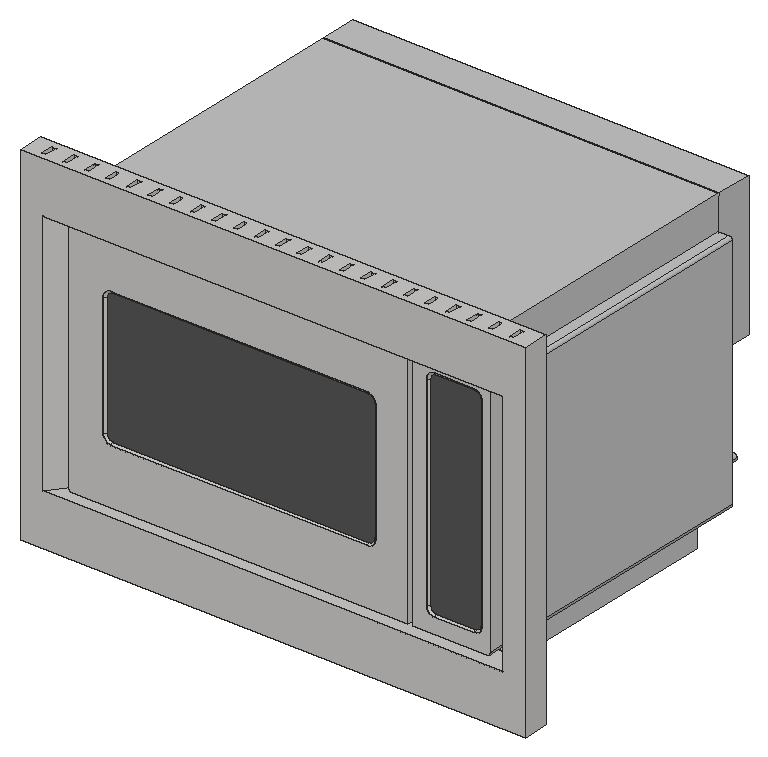
Revit family "FP_Revit_18_CMO-24SS-3Y_Microwave_w_30in_Trimkit_90000928A", category Specialty Equipment, Revit 2018
Family settings
  Round Connector Dimension = Use Diameter
  Part Type = Normal
  OmniClass Number = 23.40.40.14.17.31
  OmniClass Title = Small Specialized Cooking Equipment
  Work Plane-Based = No
  Always vertical = Yes
  Cut with Voids When Loaded = Yes
  Shared = No
  Room Calculation Point = No
Parameters
  Visibility - Clearance Required = yes
  URL = "www.fisherpaykel.com"
  Product - Width = 754 mm
  Product - Height = 521 mm
  Product - Depth = 518 mm
  Model = "CMO-24SS-3Y + CMOTTK-30SS"
  Material - Glass = Fisher & Paykel - Glass, Black
  Material - Front = Fisher & Paykel - Stainless Steel
  Material - Body = Fisher & Paykel - Grey
  Manufacturer = "Fisher & Paykel Appliances"
  FFL Offset [instance] = 860 mm
  Description = "CMO-24SS-3Y Microwave + CMOTTK-30SS Trimkit"
  Connector Description - Electrical = "120 V, 60 Hz, 15 A"
  Chassis - Width = 654 mm
  Chassis - Height = 487 mm
  Chassis - Depth = 479.9 mm
  Cavity - Width = 654 mm
  Cavity - Height = 487 mm
  Cavity - Depth = 508 mm
Reference planes
  plane 1 "Datum": y = 0
  plane 2: z = 0
  plane 3 "Center (Left/Right)": x = 0
  plane 4 "FFL Offset": z = 860
  plane 5 "Product - Depth": y = 479.9
  plane 6 "Cavity - Depth": y = 508
Forms (mm)
  Extrusion 1, void
    sketch origin (0, 0, 0) x (0, 1, 0) y (0, 0, 1)
      loop
        line (0, 1347) -> (0, 860) -> (508, 860) -> (508, 1347) -> (0, 1347)
    from -327 to 327
Text (mm)
  text "Due to ongoing product development, product details are subject to change without notice. \nPlease always refer to www.fisherpaykel.com for the most current product information. \n© Fisher & Paykel 2020" at (39.334, -111.952, 0), in view "Ref. Level (Plan)"
Dimensions and locks
  nested 2 to plane 4 "FFL Offset" = 0 mm
  "FFL Offset": plane 4 "FFL Offset" to level
  "Cavity - Depth": plane 6 "Cavity - Depth" to plane 1 "Datum"
  "Chassis - Depth": plane 1 "Datum" to plane 5 "Product - Depth"
  "Product - Depth": nested 2 to plane 5 "Product - Depth"
  "Cavity - Width": Extrusion 1 to Extrusion 1
  nested 2 to nested 2 = 754 mm
  Extrusion 1 to Extrusion 1 = 654 mm
  locked: nested 1 to plane 4 "FFL Offset" at 57.175
  aligned and locked: level to plane 2
  aligned and locked: Extrusion 1 sketch curve to nested 2
  aligned and locked: plane 5 "Product - Depth" to nested 2
  aligned and locked: plane 4 "FFL Offset" to nested 2
Automatic sketch dimensions
  Extrusion 1 sketch curve to plane 1 "Datum" = 0 mm
  Extrusion 1 sketch curve to plane 1 "Datum" = 508 mm
  Extrusion 1 sketch curve to plane 4 "FFL Offset" = 0 mm
Nested families
  nested 1: "FP_Revit_18_CMO-24SS-3Y_Microwave_90000928A" at (0, -25.4, 908.875), type "FP_Revit_18_CMO-24SS-3Y_Microwave_90000928A"
    with FFL Offset 8.3 mm
  nested 2: "FP_Revit_18_CMOTTK-30SS_Trimkit_90001190A" at (0, 0, 860), type "FP_Revit_18_CMOTTK-30SS_Trimkit_90001190A"
    with FFL Offset 0 mm
Connectors
  electrical at (289.33, 459.6, 977.415), driven by "Connector Description - Electrical"
    settings: on nested 1, index 2, voltage 120 V, apparent load 0 VA, apparent load phase1 0 VA, apparent load phase2 0 VA, apparent load phase3 0 VA, power factor 1, load classification "Other", number of poles 1, system type 30, power factor state 1, is connector primary yes, connector utility no, sub classification motor no, connector description "120 V, 60 Hz, 15 A"
Definition of nested family "FP_Revit_18_CMO-24SS-3Y_Microwave_90000928A"
  Parameters (values of type "FP_Revit_18_CMO-24SS-3Y_Microwave_90000928A")
    Visibility - Clearance Required = yes
    URL = "www.fisherpaykel.com"
    Product - Width = 629 mm  # constant formula
    Product - Height = 378 mm  # constant formula
    Product - Depth = 485 mm  # constant formula
    Model = "CMO-24SS-3Y"
    Material - Glass = none
    Material - Front = none
    Material - Body = none
    Manufacturer = "Fisher & Paykel Appliances"
    FFL Offset [instance] = 860 mm
    Description = "24\" Convection Microwave"
    Connector Note - Electrical = "120 V, 60 Hz, 15 A"
  Reference planes
    plane 1 "Datum": y = 0
    plane 2: z = 0
    plane 3 "Center (Left/Right)": x = 0
    plane 4 "Top": z = 1238
    plane 5 "Product LHS": x = -314.5
    plane 6 "Product RHS": x = 314.5
    plane 7 "Product - Depth": y = 485
    plane 8 "FFL Offset": z = 860
    plane 9 "Base": z = 875.24
  Forms (mm)
    Extrusion 1, solid, material <- "Material - Front"
      sketch origin (0, 0, 0) x (1, 0, 0) y (0, 0, 1)
        loop
          arc (-309.5, 1238) -> (-313.036, 1236.536) -> (-314.5, 1233) r 5
          line (-314.5, 1233) -> (-314.5, 880.24)
          arc (-314.5, 880.24) -> (-313.036, 876.704) -> (-309.5, 875.24) r 5
          line (-309.5, 875.24) -> (309.5, 875.24)
          arc (309.5, 875.24) -> (313.036, 876.704) -> (314.5, 880.24) r 5
          line (314.5, 880.24) -> (314.5, 1233)
          arc (314.5, 1233) -> (313.036, 1236.536) -> (309.5, 1238) r 5
          line (309.5, 1238) -> (-309.5, 1238)
        loop
          arc (-251.52, 1164.165) -> (-260.005, 1160.65) -> (-263.52, 1152.165) r 12
          line (-263.52, 1152.165) -> (-263.52, 970.265)
          arc (-263.52, 970.265) -> (-260.005, 961.78) -> (-251.52, 958.265) r 12
          line (-251.52, 958.265) -> (130.88, 958.265)
          arc (130.88, 958.265) -> (139.365, 961.78) -> (142.88, 970.265) r 12
          line (142.88, 970.265) -> (142.88, 1152.165)
          arc (142.88, 1152.165) -> (139.365, 1160.65) -> (130.88, 1164.165) r 12
          line (130.88, 1164.165) -> (-251.52, 1164.165)
        loop
          arc (231.08, 1224.49) -> (222.595, 1220.975) -> (219.08, 1212.49) r 12
          line (219.08, 1212.49) -> (219.08, 909.94)
          arc (219.08, 909.94) -> (222.595, 901.455) -> (231.08, 897.94) r 12
          line (231.08, 897.94) -> (289.63, 897.94)
          arc (289.63, 897.94) -> (298.115, 901.455) -> (301.63, 909.94) r 12
          line (301.63, 909.94) -> (301.63, 1212.49)
          arc (301.63, 1212.49) -> (298.115, 1220.975) -> (289.63, 1224.49) r 12
          line (289.63, 1224.49) -> (231.08, 1224.49)
      from -25.4 to 0
    Extrusion 2, void
      sketch origin (0, 0, 0) x (1, 0, 0) y (0, 1, 0)
        loop
          line (193.68, 25.4) -> (191.458, 0) -> (199.077, 0) -> (196.855, 25.4) -> (193.68, 25.4)
      from 860 to 1238
    Extrusion 3, solid, material <- "Material - Glass"
      sketch origin (0, 0, 0) x (1, 0, 0) y (0, 0, 1)
        loop
          arc (-251.52, 1164.165) -> (-260.005, 1160.65) -> (-263.52, 1152.165) r 12
          line (-263.52, 1152.165) -> (-263.52, 970.265)
          arc (-263.52, 970.265) -> (-260.005, 961.78) -> (-251.52, 958.265) r 12
          line (-251.52, 958.265) -> (130.88, 958.265)
          arc (130.88, 958.265) -> (139.365, 961.78) -> (142.88, 970.265) r 12
          line (142.88, 970.265) -> (142.88, 1152.165)
          arc (142.88, 1152.165) -> (139.365, 1160.65) -> (130.88, 1164.165) r 12
          line (130.88, 1164.165) -> (-251.52, 1164.165)
        loop
          line (289.63, 1224.49) -> (231.08, 1224.49)
          arc (231.08, 1224.49) -> (222.595, 1220.975) -> (219.08, 1212.49) r 12
          line (219.08, 1212.49) -> (219.08, 909.94)
          arc (219.08, 909.94) -> (222.595, 901.455) -> (231.08, 897.94) r 12
          line (231.08, 897.94) -> (289.63, 897.94)
          arc (289.63, 897.94) -> (298.115, 901.455) -> (301.63, 909.94) r 12
          line (301.63, 909.94) -> (301.63, 1212.49)
          arc (301.63, 1212.49) -> (298.115, 1220.975) -> (289.63, 1224.49) r 12
      from -25.4 to -3.175
    Extrusion 4, solid, material <- "Material - Body"
      sketch origin (0, 0, 0) x (1, 0, 0) y (0, 0, 1)
        loop
          arc (-309.5, 1238) -> (-313.036, 1236.536) -> (-314.5, 1233) r 5
          line (-314.5, 1233) -> (-314.5, 880.24)
          arc (-314.5, 880.24) -> (-313.036, 876.704) -> (-309.5, 875.24) r 5
          line (-309.5, 875.24) -> (309.5, 875.24)
          arc (309.5, 875.24) -> (313.036, 876.704) -> (314.5, 880.24) r 5
          line (314.5, 880.24) -> (314.5, 1233)
          arc (314.5, 1233) -> (313.036, 1236.536) -> (309.5, 1238) r 5
          line (309.5, 1238) -> (-309.5, 1238)
      from -450.85 to -25.4
    Extrusion 5, solid, material <- "Material - Body"
      sketch origin (0, 0, 0) x (1, 0, 0) y (0, 1, 0)
        loop
          circle (-234.945, 86.36) r 9.302
        loop
          circle (-234.945, 395.923) r 9.302
        loop
          circle (234.945, 86.36) r 9.302
        loop
          circle (234.945, 395.923) r 9.302
      from 860 to 875.24
    Extrusion 6, solid, material <- "Material - Body"
      sketch origin (0, 0, 0) x (1, 0, 0) y (0, 0, 1)
        loop
          line (101.347, 1177.795) -> (-217.225, 1177.795)
          arc (-217.225, 1177.795) -> (-234.903, 1170.473) -> (-242.225, 1152.795) r 25
          line (-242.225, 1152.795) -> (-242.225, 965.985)
          arc (-242.225, 965.985) -> (-234.903, 948.307) -> (-217.225, 940.985) r 25
          line (-217.225, 940.985) -> (101.347, 940.985)
          arc (101.347, 940.985) -> (119.025, 948.307) -> (126.347, 965.985) r 25
          line (126.347, 965.985) -> (126.347, 1152.795)
          arc (126.347, 1152.795) -> (119.025, 1170.473) -> (101.347, 1177.795) r 25
      from -460.375 to -450.85
    Sweep 7, solid, material <- "Material - Body", detail levels fine
      path in 3D
        loop
          arc (101.347, 460.375, 1177.795) -> (119.025, 460.375, 1170.473) -> (126.347, 460.375, 1152.795) r 25
          line (126.347, 460.375, 1152.795) -> (126.347, 460.375, 965.985)
          arc (126.347, 460.375, 965.985) -> (119.025, 460.375, 948.307) -> (101.347, 460.375, 940.985) r 25
          line (101.347, 460.375, 940.985) -> (-217.225, 460.375, 940.985)
          arc (-217.225, 460.375, 940.985) -> (-234.903, 460.375, 948.307) -> (-242.225, 460.375, 965.985) r 25
          line (-242.225, 460.375, 965.985) -> (-242.225, 460.375, 1152.795)
          arc (-242.225, 460.375, 1152.795) -> (-234.903, 460.375, 1170.473) -> (-217.225, 460.375, 1177.795) r 25
          line (-217.225, 460.375, 1177.795) -> (101.347, 460.375, 1177.795)
      profile origin (-57.939, 460.375, 1177.795) x (0, 1, 0) y (0, 0, 1)
        loop
          line (0, 0) -> (-9.525, 9.525) -> (-9.525, 0) -> (0, 0)
    Revolve 8, solid, material <- "Material - Body"
      sketch origin (-202.5, 0, 0) x (0, 1, 0) y (0, 0, 1)
        loop
          line (485, 980.65) -> (485, 992.483)
          arc (485, 992.483) -> (481.575, 995.027) -> (478.15, 992.483) r 3.577
          line (478.15, 992.483) -> (478.15, 989.017) -> (460.375, 989.017) -> (460.375, 980.65) -> (485, 980.65)
        axis (485, 980.65) -> (460.375, 980.65)
      angle from 0 to 360
    Extrusion 9, solid, material <- "Material - Body"
      sketch origin (0, 0, 0) x (1, 0, 0) y (0, 0, 1)
        loop
          circle (289.33, 920.24) r 5
      from -485 to -450.85
    Extrusion 10, void
      sketch origin (0, 0, 0) x (1, 0, 0) y (0, 1, 0)
        loop
          line (-314.5, 485) -> (-314.5, 0) -> (314.5, 0) -> (314.5, 485) -> (-314.5, 485)
      from 860 to 1238
    Sweep 11, solid, material <- "Material - Front", detail levels fine
      path in 3D
        loop
          arc (-263.52, 0, 1152.165) -> (-260.005, 0, 1160.65) -> (-251.52, 0, 1164.165) r 12
          line (-251.52, 0, 1164.165) -> (130.88, 0, 1164.165)
          arc (130.88, 0, 1164.165) -> (139.365, 0, 1160.65) -> (142.88, 0, 1152.165) r 12
          line (142.88, 0, 1152.165) -> (142.88, 0, 970.265)
          arc (142.88, 0, 970.265) -> (139.365, 0, 961.78) -> (130.88, 0, 958.265) r 12
          line (130.88, 0, 958.265) -> (-251.52, 0, 958.265)
          arc (-251.52, 0, 958.265) -> (-260.005, 0, 961.78) -> (-263.52, 0, 970.265) r 12
          line (-263.52, 0, 970.265) -> (-263.52, 0, 1152.165)
      profile origin (-263.52, 0, 1061.215) x (0, -1, 0) y (1, 0, 0)
        loop
          line (0, 0) -> (-3.175, 3.175) -> (-3.175, 0) -> (0, 0)
    Sweep 12, solid, material <- "Material - Front", detail levels fine
      path in 3D
        loop
          arc (219.08, 0, 1212.49) -> (222.595, 0, 1220.975) -> (231.08, 0, 1224.49) r 12
          line (231.08, 0, 1224.49) -> (289.63, 0, 1224.49)
          arc (289.63, 0, 1224.49) -> (298.115, 0, 1220.975) -> (301.63, 0, 1212.49) r 12
          line (301.63, 0, 1212.49) -> (301.63, 0, 909.94)
          arc (301.63, 0, 909.94) -> (298.115, 0, 901.455) -> (289.63, 0, 897.94) r 12
          line (289.63, 0, 897.94) -> (231.08, 0, 897.94)
          arc (231.08, 0, 897.94) -> (222.595, 0, 901.455) -> (219.08, 0, 909.94) r 12
          line (219.08, 0, 909.94) -> (219.08, 0, 1212.49)
      profile origin (219.08, 0, 1061.215) x (0, -1, 0) y (1, 0, 0)
        loop
          line (0, 0) -> (-3.175, 3.175) -> (-3.175, 0) -> (0, 0)
  Cuts and joins
    Extrusion 2 cuts Extrusion 1
  Lines and regions (mm)
    sketch lines
      curve 1: line (-217.225, 460.375, 1177.795) -> (101.347, 460.375, 1177.795)
      curve 2: arc (-217.225, 460.375, 1177.795) -> (-234.903, 460.375, 1170.473) -> (-242.225, 460.375, 1152.795) r 25
      curve 3: line (-242.225, 460.375, 965.985) -> (-242.225, 460.375, 1152.795)
      curve 4: arc (-242.225, 460.375, 965.985) -> (-234.903, 460.375, 948.307) -> (-217.225, 460.375, 940.985) r 25
      curve 5: line (101.347, 460.375, 940.985) -> (-217.225, 460.375, 940.985)
      curve 6: arc (101.347, 460.375, 940.985) -> (119.025, 460.375, 948.307) -> (126.347, 460.375, 965.985) r 25
      curve 7: line (126.347, 460.375, 1152.795) -> (126.347, 460.375, 965.985)
      curve 8: arc (126.347, 460.375, 1152.795) -> (119.025, 460.375, 1170.473) -> (101.347, 460.375, 1177.795) r 25
      curve 9: line (-263.52, 0, 970.265) -> (-263.52, 0, 1152.165)
      curve 10: arc (-251.52, 0, 1164.165) -> (-260.005, 0, 1160.65) -> (-263.52, 0, 1152.165) r 12
      curve 11: line (-251.52, 0, 1164.165) -> (130.88, 0, 1164.165)
      curve 12: arc (142.88, 0, 1152.165) -> (139.365, 0, 1160.65) -> (130.88, 0, 1164.165) r 12
      curve 13: line (142.88, 0, 1152.165) -> (142.88, 0, 970.265)
      curve 14: arc (130.88, 0, 958.265) -> (139.365, 0, 961.78) -> (142.88, 0, 970.265) r 12
      curve 15: line (130.88, 0, 958.265) -> (-251.52, 0, 958.265)
      curve 16: arc (-263.52, 0, 970.265) -> (-260.005, 0, 961.78) -> (-251.52, 0, 958.265) r 12
      curve 17: line (219.08, 0, 909.94) -> (219.08, 0, 1212.49)
      curve 18: arc (231.08, 0, 1224.49) -> (222.595, 0, 1220.975) -> (219.08, 0, 1212.49) r 12
      curve 19: line (231.08, 0, 1224.49) -> (289.63, 0, 1224.49)
      curve 20: arc (301.63, 0, 1212.49) -> (298.115, 0, 1220.975) -> (289.63, 0, 1224.49) r 12
      curve 21: line (301.63, 0, 1212.49) -> (301.63, 0, 909.94)
      curve 22: arc (289.63, 0, 897.94) -> (298.115, 0, 901.455) -> (301.63, 0, 909.94) r 12
      curve 23: line (289.63, 0, 897.94) -> (231.08, 0, 897.94)
      curve 24: arc (219.08, 0, 909.94) -> (222.595, 0, 901.455) -> (231.08, 0, 897.94) r 12
  Text (mm)
    text "Due to ongoing product development, product details are subject to change without notice. \nPlease always refer to www.fisherpaykel.com for the most current product information. \n© Fisher & Paykel 2020" at (41.04, -248.295, 0), in view "Ref. Level (Plan)"
  Dimensions and locks
    equal spacing: plane 5 "Product LHS", plane 3 "Center (Left/Right)", plane 6 "Product RHS"
    "Product - Width": plane 5 "Product LHS" to plane 6 "Product RHS"
    "Product - Depth": plane 1 "Datum" to plane 7 "Product - Depth"
    "FFL Offset": plane 8 "FFL Offset" to level
    locked: plane 8 "FFL Offset" to Revolve 8 sketch curve at 120.65
    locked: Revolve 8 sketch curve to Revolve 8 sketch curve at 8.367
    locked: Extrusion 9 sketch curve to plane 8 "FFL Offset" at 60.24
    locked: plane 9 "Base" to plane 8 "FFL Offset" at 15.24
    cut or joined group of Extrusion 1, Extrusion 2 to plane 8 "FFL Offset" = 37.94 mm
    cut or joined group of Extrusion 1, Extrusion 2 to plane 8 "FFL Offset" = 98.265 mm
    locked: plane 8 "FFL Offset" to Extrusion 6 at 80.985
    locked: Sweep 7 to plane 8 "FFL Offset" at 80.985
    "Product - Height": plane 4 "Top" to plane 8 "FFL Offset"
    aligned and locked: level to plane 2
    aligned and locked: Extrusion 1 sketch curve to plane 5 "Product LHS"
    aligned and locked: plane 6 "Product RHS" to Extrusion 1 sketch curve
    aligned and locked: Revolve 8 sketch curve to plane 7 "Product - Depth"
    aligned and locked: Extrusion 9 to plane 7 "Product - Depth"
    aligned and locked: Extrusion 4 sketch curve to plane 4 "Top"
    aligned and locked: plane 4 "Top" to Extrusion 10
    aligned and locked: Extrusion 4 sketch curve to plane 9 "Base"
    aligned and locked: Extrusion 1 sketch curve to plane 9 "Base"
    aligned and locked: Extrusion 3 sketch curve to cut or joined group of Extrusion 1, Extrusion 2  (x2)
    aligned and locked: Extrusion 2 to plane 8 "FFL Offset"
    aligned and locked: Extrusion 5 to plane 8 "FFL Offset"
    aligned and locked: Extrusion 5 to Extrusion 4
    aligned and locked: Extrusion 10 to Extrusion 5
    aligned and locked: plane 4 "Top" to Extrusion 2
  Automatic sketch dimensions
    plane 1 "Datum" to Extrusion 2 sketch curve = 0 mm
    plane 6 "Product RHS" to Extrusion 2 sketch curve = 123.042 mm
    Extrusion 2 sketch curve to plane 1 "Datum" = 25.4 mm
    Extrusion 2 sketch curve to Extrusion 2 sketch curve = 2.222 mm
    Extrusion 2 sketch curve to Extrusion 2 sketch curve = 3.175 mm
    Extrusion 2 sketch curve to Extrusion 2 sketch curve = 7.62 mm
    Extrusion 6 sketch curve to plane 5 "Product LHS" = 72.275 mm
    Extrusion 6 sketch curve to Extrusion 6 sketch curve = 25 mm  (x3)
    plane 3 "Center (Left/Right)" to Extrusion 6 sketch curve = 101.347 mm  (x2)
    level to Extrusion 6 sketch curve = 940.985 mm
    Extrusion 6 sketch curve to plane 4 "Top" = 85.205 mm
    Sweep 7 sketch curve to profile plane = 0 mm  (x2)
    profile plane to Sweep 7 sketch curve = 9.525 mm  (x2)
    Extrusion 5 sketch curve to plane 5 "Product LHS" = 79.555 mm  (x2)
    plane 6 "Product RHS" to Extrusion 5 sketch curve = 79.555 mm  (x2)
    Extrusion 5 sketch curve to plane 1 "Datum" = 86.36 mm  (x2)
    Extrusion 5 sketch curve to plane 7 "Product - Depth" = 89.077 mm  (x2)
    Revolve 8 sketch curve to plane 7 "Product - Depth" = 3.425 mm
    Revolve 8 sketch curve to Revolve 8 sketch curve = 3.425 mm
    Revolve 8 sketch curve to Revolve 8 sketch curve = 17.775 mm
    Revolve 8 sketch curve to Revolve 8 sketch curve = 2.432 mm
    Revolve 8 sketch curve to Revolve 8 sketch curve = 1.033 mm
    Revolve 8 sketch curve to Revolve 8 sketch curve = 23.464 mm
    Revolve 8 sketch curve to Revolve 8 sketch curve = 0.407 mm
    Revolve 8 sketch curve to Revolve 8 sketch curve = 0 mm
    plane 6 "Product RHS" to Extrusion 9 sketch curve = 25.17 mm
    plane 1 "Datum" to Extrusion 10 sketch curve = 0 mm
    Extrusion 10 sketch curve to plane 5 "Product LHS" = 0 mm
    Extrusion 10 sketch curve to plane 6 "Product RHS" = 0 mm
    Extrusion 10 sketch curve to plane 7 "Product - Depth" = 0 mm
    plane 5 "Product LHS" to Extrusion 4 sketch curve = 0 mm
    plane 6 "Product RHS" to Extrusion 4 sketch curve = 0 mm
    Extrusion 4 sketch curve to plane 5 "Product LHS" = 5 mm  (x2)
    Extrusion 4 sketch curve to Extrusion 4 sketch curve = 5 mm
    plane 6 "Product RHS" to Extrusion 4 sketch curve = 5 mm
    Extrusion 1 sketch curve to plane 4 "Top" = 0 mm
    Extrusion 1 sketch curve to plane 5 "Product LHS" = 5 mm  (x2)
    Extrusion 1 sketch curve to plane 5 "Product LHS" = 50.98 mm
    Extrusion 1 sketch curve to Extrusion 1 sketch curve = 12 mm  (x5)
    plane 3 "Center (Left/Right)" to Extrusion 1 sketch curve = 130.88 mm  (x2)
    Extrusion 1 sketch curve to plane 4 "Top" = 25.51 mm
    plane 6 "Product RHS" to Extrusion 1 sketch curve = 95.42 mm
    Extrusion 1 sketch curve to plane 4 "Top" = 13.51 mm
    Extrusion 1 sketch curve to plane 9 "Base" = 22.7 mm
    plane 6 "Product RHS" to Extrusion 1 sketch curve = 24.87 mm  (x2)
    plane 6 "Product RHS" to Extrusion 1 sketch curve = 5 mm  (x2)
    Extrusion 1 sketch curve to plane 9 "Base" = 83.025 mm
    Extrusion 1 sketch curve to plane 4 "Top" = 85.835 mm
    Extrusion 3 sketch curve to plane 5 "Product LHS" = 50.98 mm
    Extrusion 3 sketch curve to Extrusion 3 sketch curve = 12 mm  (x5)
    plane 3 "Center (Left/Right)" to Extrusion 3 sketch curve = 130.88 mm  (x2)
    Extrusion 3 sketch curve to plane 4 "Top" = 25.51 mm
    plane 6 "Product RHS" to Extrusion 3 sketch curve = 95.42 mm
    Extrusion 3 sketch curve to plane 4 "Top" = 13.51 mm
    plane 6 "Product RHS" to Extrusion 3 sketch curve = 24.87 mm  (x2)
    Extrusion 3 sketch curve to plane 4 "Top" = 85.835 mm
    Sweep 11 sketch curve to profile plane = 0 mm  (x2)
    profile plane to Sweep 11 sketch curve = 3.175 mm  (x2)
    Sweep 12 sketch curve to profile plane = 0 mm  (x2)
    profile plane to Sweep 12 sketch curve = 3.175 mm  (x2)
    radius of Extrusion 9 sketch curve = 5 mm
    radius of Extrusion 5 sketch curve = 9.302 mm  (x4)
  Connectors
    electrical at (289.33, 485, 920.24), driven by "Connector Note - Electrical"
      settings: on Extrusion 9, index 1, voltage 120 V, apparent load 0 VA, apparent load phase1 0 VA, apparent load phase2 0 VA, apparent load phase3 0 VA, power factor 1, load classification none, number of poles 1, system type 30, power factor state 1, is connector primary yes, connector utility no, sub classification motor no, connector description "120 V, 60 Hz, 15 A"
Definition of nested family "FP_Revit_18_CMOTTK-30SS_Trimkit_90001190A"
  Parameters (values of type "FP_Revit_18_CMOTTK-30SS_Trimkit_90001190A")
    Visibility - Clearance Required = yes
    URL = "www.fisherpaykel.com"
    Product - Width = 754 mm  # constant formula
    Product - Height = 521 mm  # constant formula
    Product - Depth = 518 mm  # constant formula
    Model = "CMOTTK-30SS"
    Material - Trim = none
    Material - Body = none
    Manufacturer = "Fisher & Paykel Appliances"
    FFL Offset [instance] = 860 mm
    Description = "Microwave Trim Kit"
    Cavity - Width = 654 mm  # constant formula
    Cavity - Height = 487 mm  # constant formula
    Cavity - Depth = 508 mm  # constant formula
  Reference planes
    plane 1 "Datum": y = 0
    plane 2: z = 0
    plane 3 "Center (Left/Right)": x = 0
    plane 4 "Top": z = 1372.65
    plane 5 "Product LHS": x = -377
    plane 6 "Product RHS": x = 377
    plane 7 "Product - Depth": y = 508
    plane 8 "Trim": z = 851.65
    plane 9 "Base": z = 860
  Forms (mm)
    Extrusion 1, solid, material <- "Material - Body"
      sketch origin (0, 0, 0) x (1, 0, 0) y (0, 0, 1)
        loop
          line (-295.27, 1347) -> (-295.27, 1296.15) -> (295.28, 1296.15) -> (295.28, 1347) -> (-295.27, 1347)
        loop
          line (-261.259, 917.175) -> (-261.259, 860) -> (261.27, 860) -> (261.27, 917.175) -> (-261.259, 917.175)
      from -425.45 to 0
    Extrusion 2, solid, material <- "Material - Trim"
      sketch origin (0, 0, 0) x (1, 0, 0) y (0, 0, 1)
        loop
          line (-377, 1372.65) -> (-377, 851.65) -> (377, 851.65) -> (377, 1372.65) -> (-377, 1372.65)
      from 0 to 38.1
    Extrusion 3, solid, material <- "Material - Body"
      sketch origin (0, 0, 0) x (1, 0, 0) y (0, 0, 1)
        loop
          line (-295.27, 1310.516) -> (-327, 1310.516) -> (-327, 860) -> (327, 860) -> (327, 1310.516) -> (295.28, 1310.516) -> (295.28, 1296.15) -> (320.67, 1296.15) -> (320.67, 927.85) -> (-320.67, 927.85) -> (-320.67, 1296.15) -> (-295.27, 1296.15) -> (-295.27, 1310.516)
      from -9.525 to 0
    Extrusion 4, void
      sketch origin (0, 0, 0) x (1, 0, 0) y (0, 1, 0)
        loop
          line (-320.67, 0) -> (-320.67, -6.5) -> (-342.796, -38.1) -> (342.796, -38.1) -> (320.67, -6.5) -> (320.67, 0) -> (-320.67, 0)
      from 927.85 to 1296.15
    Extrusion 5, solid, material <- "Material - Body"
      sketch origin (0, 0, 0) x (1, 0, 0) y (0, 0, 1)
        loop
          line (295.28, 1133.596) -> (295.28, 1347) -> (-295.27, 1347) -> (-295.27, 1252.57) -> (154.035, 1252.57) -> (154.035, 1133.596) -> (295.28, 1133.596)
      from -479.9 to -425.45
    Extrusion 6, void
      sketch origin (0, 0, 0) x (1, 0, 0) y (0, 1, 0)
        loop
          line (-352.425, -9.525) -> (-352.425, -28.575) -> (-346.075, -28.575) -> (-346.075, -9.525) -> (-352.425, -9.525)
        loop
          line (-320.675, -9.525) -> (-320.675, -28.575) -> (-314.325, -28.575) -> (-314.325, -9.525) -> (-320.675, -9.525)
        loop
          line (-288.925, -9.525) -> (-288.925, -28.575) -> (-282.575, -28.575) -> (-282.575, -9.525) -> (-288.925, -9.525)
        loop
          line (-257.175, -9.525) -> (-257.175, -28.575) -> (-250.825, -28.575) -> (-250.825, -9.525) -> (-257.175, -9.525)
        loop
          line (-225.425, -9.525) -> (-225.425, -28.575) -> (-219.075, -28.575) -> (-219.075, -9.525) -> (-225.425, -9.525)
        loop
          line (-193.675, -9.525) -> (-193.675, -28.575) -> (-187.325, -28.575) -> (-187.325, -9.525) -> (-193.675, -9.525)
        loop
          line (-161.925, -9.525) -> (-161.925, -28.575) -> (-155.575, -28.575) -> (-155.575, -9.525) -> (-161.925, -9.525)
        loop
          line (-130.175, -9.525) -> (-130.175, -28.575) -> (-123.825, -28.575) -> (-123.825, -9.525) -> (-130.175, -9.525)
        loop
          line (-98.425, -9.525) -> (-98.425, -28.575) -> (-92.075, -28.575) -> (-92.075, -9.525) -> (-98.425, -9.525)
        loop
          line (-66.675, -9.525) -> (-66.675, -28.575) -> (-60.325, -28.575) -> (-60.325, -9.525) -> (-66.675, -9.525)
        loop
          line (-34.925, -9.525) -> (-34.925, -28.575) -> (-28.575, -28.575) -> (-28.575, -9.525) -> (-34.925, -9.525)
        loop
          line (-3.175, -9.525) -> (-3.175, -28.575) -> (3.175, -28.575) -> (3.175, -9.525) -> (-3.175, -9.525)
        loop
          line (352.425, -9.525) -> (346.075, -9.525) -> (346.075, -28.575) -> (352.425, -28.575) -> (352.425, -9.525)
        loop
          line (320.675, -9.525) -> (314.325, -9.525) -> (314.325, -28.575) -> (320.675, -28.575) -> (320.675, -9.525)
        loop
          line (288.925, -9.525) -> (282.575, -9.525) -> (282.575, -28.575) -> (288.925, -28.575) -> (288.925, -9.525)
        loop
          line (257.175, -9.525) -> (250.825, -9.525) -> (250.825, -28.575) -> (257.175, -28.575) -> (257.175, -9.525)
        loop
          line (225.425, -9.525) -> (219.075, -9.525) -> (219.075, -28.575) -> (225.425, -28.575) -> (225.425, -9.525)
        loop
          line (193.675, -9.525) -> (187.325, -9.525) -> (187.325, -28.575) -> (193.675, -28.575) -> (193.675, -9.525)
        loop
          line (161.925, -9.525) -> (155.575, -9.525) -> (155.575, -28.575) -> (161.925, -28.575) -> (161.925, -9.525)
        loop
          line (130.175, -9.525) -> (123.825, -9.525) -> (123.825, -28.575) -> (130.175, -28.575) -> (130.175, -9.525)
        loop
          line (98.425, -9.525) -> (92.075, -9.525) -> (92.075, -28.575) -> (98.425, -28.575) -> (98.425, -9.525)
        loop
          line (66.675, -9.525) -> (60.325, -9.525) -> (60.325, -28.575) -> (66.675, -28.575) -> (66.675, -9.525)
        loop
          line (34.925, -9.525) -> (28.575, -9.525) -> (28.575, -28.575) -> (34.925, -28.575) -> (34.925, -9.525)
      from 1356.65 to 1372.65
    Extrusion 7, solid, visible <- "Visibility - Clearance Required", detail levels coarse
      sketch origin (0, 0, 0) x (1, 0, 0) y (0, 1, 0)
        loop
          line (-327, 508) -> (-327, 0) -> (327, 0) -> (327, 508) -> (-327, 508)
      from 860 to 1347
    Extrusion 8, void
      sketch origin (0, 0, 0) x (1, 0, 0) y (0, 1, 0)
        loop
          line (-327, 508) -> (-327, 0) -> (327, 0) -> (327, 508) -> (-327, 508)
      from 860 to 1347
  Cuts and joins
    Extrusion 4, Extrusion 6 cuts Extrusion 2
    Extrusion 4 cuts Extrusion 3
  Text (mm)
    text "Due to ongoing product development, product details are subject to change without notice. \nPlease always refer to www.fisherpaykel.com for the most current product information. \n© Fisher & Paykel 2020" at (41.04, -145.42, 0), in view "Ref. Level (Plan)"
  Dimensions and locks
    equal spacing: plane 5 "Product LHS", plane 3 "Center (Left/Right)", plane 6 "Product RHS"
    "Product - Width": plane 5 "Product LHS" to plane 6 "Product RHS"
    equal spacing: Extrusion 7, plane 3 "Center (Left/Right)", Extrusion 7
    "Cavity - Width": Extrusion 7 to Extrusion 7
    locked: cut or joined group of Extrusion 2, Extrusion 4, Extrusion 6 to plane 1 "Datum" at 38.1
    "Product - Depth": cut or joined group of Extrusion 2, Extrusion 4, Extrusion 6 to Extrusion 5
    "Cavity - Depth": plane 1 "Datum" to plane 7 "Product - Depth"
    Extrusion 8 to Extrusion 8 = 654 mm
    "Product - Height": plane 4 "Top" to plane 8 "Trim"
    "FFL Offset": plane 9 "Base" to level
    locked: cut or joined group of Extrusion 2, Extrusion 4, Extrusion 6 to plane 8 "Trim" at 76.2
    locked: cut or joined group of Extrusion 2, Extrusion 4, Extrusion 6 to plane 8 "Trim" at 444.5
    locked: cut or joined group of Extrusion 3, Extrusion 4 to plane 8 "Trim" at 458.866
    "Cavity - Height": Extrusion 1 to plane 9 "Base"
    plane 9 "Base" to plane 8 "Trim" = 8.35 mm
    locked: cut or joined group of Extrusion 2, Extrusion 4, Extrusion 6 to plane 4 "Top" at 16
    locked: Extrusion 1 to plane 9 "Base" at 57.175
    aligned and locked: level to plane 2
    aligned and locked: Extrusion 2 sketch curve to plane 5 "Product LHS"
    aligned and locked: Extrusion 2 sketch curve to plane 4 "Top"
    aligned and locked: plane 8 "Trim" to cut or joined group of Extrusion 2, Extrusion 4, Extrusion 6
    aligned and locked: plane 4 "Top" to Extrusion 6
    aligned and locked: plane 9 "Base" to Extrusion 1
    aligned and locked: Extrusion 8 to Extrusion 1  (x2)
    aligned and locked: Extrusion 7 to Extrusion 1  (x2)
    aligned and locked: Extrusion 8 to cut or joined group of Extrusion 3, Extrusion 4
    aligned and locked: Extrusion 3 to Extrusion 1  (x2)
    aligned and locked: Extrusion 3 to Extrusion 4
    aligned and locked: Extrusion 4 to Extrusion 1
    aligned and locked: Extrusion 1 to cut or joined group of Extrusion 3, Extrusion 4
  Automatic sketch dimensions
    Extrusion 1 sketch curve to plane 5 "Product LHS" = 81.73 mm
    Extrusion 1 sketch curve to plane 5 "Product LHS" = 115.741 mm
    plane 6 "Product RHS" to Extrusion 1 sketch curve = 115.73 mm
    Extrusion 1 sketch curve to plane 4 "Top" = 25.65 mm
    plane 6 "Product RHS" to Extrusion 1 sketch curve = 81.72 mm
    Extrusion 1 sketch curve to Extrusion 1 sketch curve = 50.85 mm
    level to Extrusion 1 sketch curve = 917.175 mm
    level to Extrusion 1 sketch curve = 860 mm
    level to Extrusion 2 sketch curve = 851.65 mm
    plane 6 "Product RHS" to Extrusion 2 sketch curve = 0 mm
    Extrusion 3 sketch curve to plane 5 "Product LHS" = 50 mm
    Extrusion 3 sketch curve to plane 5 "Product LHS" = 56.33 mm
    Extrusion 3 sketch curve to Extrusion 3 sketch curve = 25.4 mm
    plane 6 "Product RHS" to Extrusion 3 sketch curve = 81.72 mm
    plane 6 "Product RHS" to Extrusion 3 sketch curve = 56.33 mm
    level to Extrusion 3 sketch curve = 860 mm
    plane 6 "Product RHS" to Extrusion 3 sketch curve = 50 mm
    Extrusion 3 sketch curve to Extrusion 3 sketch curve = 67.85 mm
    Extrusion 3 sketch curve to plane 4 "Top" = 76.5 mm  (x2)
    Extrusion 3 sketch curve to Extrusion 3 sketch curve = 14.366 mm  (x2)
    plane 1 "Datum" to Extrusion 4 sketch curve = 0 mm
    Extrusion 4 sketch curve to plane 5 "Product LHS" = 34.204 mm
    plane 1 "Datum" to Extrusion 4 sketch curve = 6.5 mm  (x2)
    Extrusion 4 sketch curve to Extrusion 4 sketch curve = 22.126 mm
    plane 6 "Product RHS" to Extrusion 4 sketch curve = 56.33 mm
    plane 6 "Product RHS" to Extrusion 4 sketch curve = 34.204 mm
    plane 1 "Datum" to Extrusion 4 sketch curve = 38.1 mm
    Extrusion 5 sketch curve to plane 5 "Product LHS" = 81.73 mm
    plane 3 "Center (Left/Right)" to Extrusion 5 sketch curve = 154.035 mm
    plane 6 "Product RHS" to Extrusion 5 sketch curve = 81.72 mm
    Extrusion 5 sketch curve to plane 4 "Top" = 239.055 mm
    Extrusion 5 sketch curve to plane 4 "Top" = 120.081 mm
    Extrusion 5 sketch curve to plane 4 "Top" = 25.65 mm
    Extrusion 6 sketch curve to plane 5 "Product LHS" = 24.575 mm
    Extrusion 6 sketch curve to Extrusion 6 sketch curve = 6.35 mm  (x22)
    plane 1 "Datum" to Extrusion 6 sketch curve = 9.525 mm  (x23)
    Extrusion 6 sketch curve to Extrusion 6 sketch curve = 25.4 mm  (x21)
    Extrusion 6 sketch curve to plane 3 "Center (Left/Right)" = 3.175 mm
    plane 3 "Center (Left/Right)" to Extrusion 6 sketch curve = 3.175 mm
    Extrusion 6 sketch curve to Extrusion 6 sketch curve = 19.05 mm  (x12)
    Extrusion 6 sketch curve to Extrusion 6 sketch curve = 0 mm  (x11)
    plane 1 "Datum" to Extrusion 7 sketch curve = 0 mm
    Extrusion 7 sketch curve to plane 7 "Product - Depth" = 0 mm
    Extrusion 7 sketch curve to plane 5 "Product LHS" = 50 mm
    plane 6 "Product RHS" to Extrusion 7 sketch curve = 50 mm
    plane 1 "Datum" to Extrusion 8 sketch curve = 0 mm
    plane 7 "Product - Depth" to Extrusion 8 sketch curve = 0 mm
    plane 6 "Product RHS" to Extrusion 8 sketch curve = 704 mm
    Extrusion 8 sketch curve to Extrusion 8 sketch curve = 654 mm
